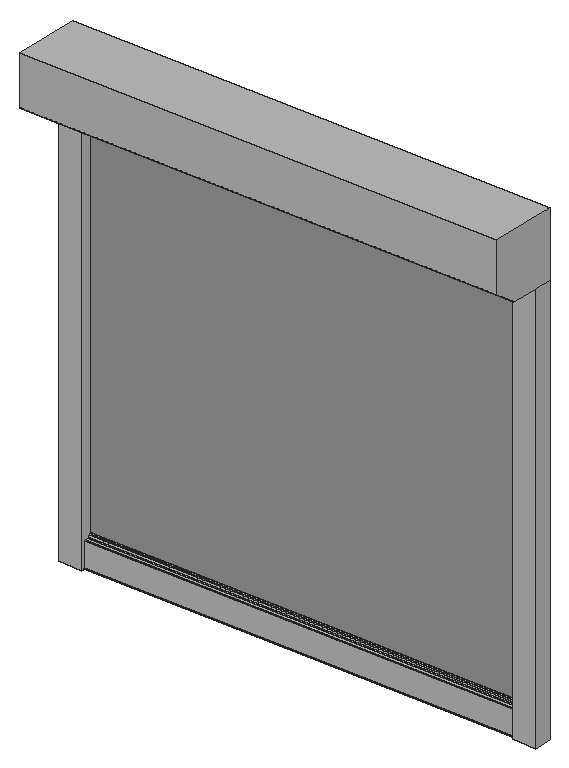
Revit family "Window_Shade-Draper-LightBloc_Zip", category Specialty Equipment, Revit 2026
Family settings
  Round Connector Dimension = Use Diameter
  Part Type = Normal
  Classification Number = 23.30.60.14.21
  Work Plane-Based = No
  Enable Cutting in Views = No
  Always vertical = Yes
  Cut with Voids When Loaded = No
  Maintain Annotation Orientation = No
  Shared = No
  Room Calculation Point = No
Parameters (values of type "125 Standard Headbox Design")
  Wind Note = "Very wind resistant.  Wind tunnel tested up to 90 MPH."  # constant formula
  Width Constraint [instance] = if(and([105 Style Headbox], Width > 13' 1"), 13' 1", if(and([125 Style Headbox], Width > 16' 5"), 16' 5", Width))  # 3' - 0"
  Width [instance] = 3' - 0"
  URL = "http://www.draperinc.com/index.asp"
  Standard Headbox Design = yes
  Square Headbox Design = no
  Right Single Side Channel [instance] = yes
  Right No Channel [instance] = not(and(or(Right Single Side Channel, Right Double Side Channel)))  # no
  Right Double Side Channel [instance] = no
  Product Documentation Link = "http://www.draperinc.com/DocumentDownload.aspx?path=WindowShades\\submittals&file=LightBlocZip_Sub.pdf"
  Multiple Units = "A Maximum of 3 Panels can be added together."  # constant formula
  Left No Channel [instance] = not(and(or(Left Single Side Channel, Left Double Side Channel)))  # no
  Default Elevation = 0' - 0"
  Casing = Metal - Draper - Silver
  R HemBar [instance] = if(Right Single Side Channel, 0' 1 3/4", 0' 1 1/16")  # 0' - 1 3/4"
  Product Page URL = "http://www.draperinc.com/SolarControlSolutions/solarProducts.asp?detail=239"
  Product Name = "LightBloc Zip"  # constant formula
  Model = "LightBloc"  # constant formula
  Material = ""
  Manufacturer = "Draper"  # constant formula
  Shade Fabric = Fiberglass - Draper - Fabric - Screen
  Left Single Side Channel [instance] = yes
  Left Double Side Channel [instance] = no
  L HemBar [instance] = if(Left Single Side Channel, 0' 1 3/4", 0' 1 1/16")  # 0' - 1 3/4"
  Head Box Height [instance] = if(and([105 Style Headbox], Standard Headbox Design), 0' 4 1/8", if(and([105 Style Headbox], Curved Headbox Design), 0' 4 1/8", if(and([105 Style Headbox], Square Headbox Design), 0' 3 15/16", if(and([125 Style Headbox], Standard Headbox Design), 0' 4 15/16", if(and([125 Style Headbox], Curved Headbox Design), 0' 4 15/16", if(and([125 Style Headbox], Square Headbox Design), 0' 4 11/16", 0' 4 15/16"))))))  # 0' - 4 15/16"
  Head Box Depth [instance] = if(and([105 Style Headbox], Standard Headbox Design), 0' 4 1/8", if(and([105 Style Headbox], Curved Headbox Design), 0' 4 1/8", if(and([105 Style Headbox], Square Headbox Design), 0' 3 3/8", if(and([125 Style Headbox], Standard Headbox Design), 0' 4 15/16", if(and([125 Style Headbox], Curved Headbox Design), 0' 4 15/16", if(and([125 Style Headbox], Square Headbox Design), 0' 4 11/16", 0' 4 1/8"))))))  # 0' - 4 15/16"
  Curved Headbox Design = no
  105 Style Headbox = not([125 Style Headbox])  # no
  Height Constraint [instance] = if(and([105 Style Headbox], Height > 11' 6"), 11' 6", if(and([125 Style Headbox], Height > 16' 5"), 16' 5", Height))  # 3' - 0"
  Height [instance] = 3' - 0"
  125 Style Headbox = yes
  Description = "Wind Resistant Roller Shade"  # constant formula
Types (7): name | Standard Headbox Design | Square Headbox Design | Product Page URL | Head Box Height | Head Box Depth | Curved Headbox Design | 105 Style Headbox | 125 Style Headbox
  (no name) | yes | no | "http://www.draperinc.com/SolarControlSolutions/solarProducts.asp?detail=239" | 0' - 4 15/16" | 0' - 4 15/16" | no | no | yes
  105 Curve Headbox Design | no | no | "http://www.draperinc.com/WindowShades/ProductDetail.aspx?detail=244" | 0' - 4 1/8" | 0' - 4 1/8" | yes | yes | no
  125 Curve Headbox Design | no | no | "http://www.draperinc.com/SolarControlSolutions/solarProducts.asp?detail=239" | 0' - 4 15/16" | 0' - 4 15/16" | yes | no | yes
  105 Standard Headbox Design | yes | no | "http://www.draperinc.com/WindowShades/ProductDetail.aspx?detail=244" | 0' - 4 1/8" | 0' - 4 1/8" | no | yes | no
  125 Standard Headbox Design | yes | no | "http://www.draperinc.com/SolarControlSolutions/solarProducts.asp?detail=239" | 0' - 4 15/16" | 0' - 4 15/16" | no | no | yes
  105 Square Headbox Design | no | yes | "http://www.draperinc.com/WindowShades/ProductDetail.aspx?detail=244" | 0' - 3 15/16" | 0' - 3 3/8" | no | yes | no
  125 Square Headbox Design | no | yes | "http://www.draperinc.com/SolarControlSolutions/solarProducts.asp?detail=239" | 0' - 4 11/16" | 0' - 4 11/16" | no | no | yes
Reference planes (in)
  plane 1 "Center (Front/Back)": y = 0
  plane 2: z = 0
  plane 3 "Center (Left/Right)": x = 0
  plane 4: x = -18
  plane 5: x = 18
  plane 6: x = -16.25
  plane 7: x = 16.25
  plane 8: x = -16.9375
  plane 9: x = -19.0625
  plane 10: x = 19.0625
  plane 11: x = 16.9375
  plane 12 "Left HemBar": x = -16.25
  plane 13 "Right HemBar": x = 16.25
  plane 14: z = -36
  plane 15 "Front": y = -4.9375
  plane 16: z = -4.9375
  plane 17: y = -1.125
Forms (in)
  Extrusion 1, solid, material "Metal - Draper - Silver" <- "Casing", visible <- "Standard Headbox Design"
    sketch origin (0, 0, -36) x (0, -1, 0) y (0, 0, -1)
      loop
        line (4.9375, -36) -> (4.9375, -32.26839) -> (3.35661, -31.0625) -> (0, -31.0625) -> (0, -36) -> (4.9375, -36)
    from -18 to 18
  Extrusion 2, solid, material "Metal - Draper - Silver" <- "Casing", visible <- "Curved Headbox Design"
    sketch origin (0, 0, -36) x (0, -1, 0) y (0, 0, -1)
      loop
        line (0, -36) -> (4.43529, -36)
        arc (4.43529, -36) -> (4.79574, -34.71019) -> (4.84129, -33.37174) r 5.62895
        line (4.84129, -33.37174) -> (4.74455, -33.37174)
        arc (4.74455, -33.37174) -> (4.56751, -32.21304) -> (4.3435, -31.0625) r 28.82135
        line (4.3435, -31.0625) -> (0, -31.0625) -> (0, -36)
    from -18 to 18
  Extrusion 3, solid, material "Metal - Draper - Silver" <- "Casing", visible <- "Left Single Side Channel"
    sketch origin (5.40947, -4.31844, -36) x (1, 0, 0) y (0, 1, 0)
      loop
        line (-23.40947, 4.31844) -> (-23.40947, 3.01302) -> (-21.65947, 3.01302) -> (-21.65947, 3.74955) -> (-21.90947, 3.74955) -> (-21.90947, 3.92193) -> (-22.13919, 3.92193) -> (-22.13919, 3.98443) -> (-21.90947, 3.98443) -> (-21.90947, 4.13281) -> (-21.65947, 4.13281) -> (-21.65947, 4.31844) -> (-23.40947, 4.31844)
    from 0 to 31.0625
  Extrusion 4, solid, material "Metal - Draper - Silver" <- "Casing", visible <- "Left Double Side Channel"
    sketch origin (4.72197, -4.31844, -36) x (1, 0, 0) y (0, 1, 0)
      loop
        line (-23.78447, 3.01302) -> (-21.65947, 3.01302) -> (-21.65947, 3.74955) -> (-21.90947, 3.74955) -> (-21.90947, 3.92193) -> (-22.13919, 3.92193) -> (-22.13919, 3.98443) -> (-21.90947, 3.98443) -> (-21.90947, 4.13281) -> (-21.65947, 4.13281) -> (-21.65947, 4.31844) -> (-23.78447, 4.31844) -> (-23.78447, 4.13281) -> (-23.53447, 4.13281) -> (-23.53447, 3.98443) -> (-23.30474, 3.98443) -> (-23.30474, 3.92193) -> (-23.53447, 3.92193) -> (-23.53447, 3.74955) -> (-23.78447, 3.74955) -> (-23.78447, 3.01302)
    from 0 to 31.0625
  Extrusion 5, solid, material "Fiberglass - Draper - Fabric - Screen" <- "Shade Fabric"
    sketch origin (0, 0, -36) x (1, 0, 0) y (0, 0, -1)
      loop
        line (-16.72973, -31.0625) -> (16.72973, -31.0625) -> (16.72973, -1.81819) -> (-16.72973, -1.81819) -> (-16.72973, -31.0625)
    from -0.39651 to -0.33401
  Extrusion 6, solid, material "Metal - Draper - Silver" <- "Casing"
    sketch origin (0, 0, -36) x (0, -1, 0) y (0, 0, -1)
      loop
        arc (0, -1.9004) -> (0.01831, -1.94459) -> (0.0625, -1.9629) r 0.0625
        line (0.0625, -1.9629) -> (0.18008, -1.9629)
        arc (0.18008, -1.9629) -> (0.22427, -1.94459) -> (0.24258, -1.9004) r 0.0625
        line (0.24258, -1.9004) -> (0.24258, -1.81819) -> (0.39651, -1.81819) -> (0.39651, -2.125)
        arc (0.39651, -2.125) -> (0.41481, -2.16919) -> (0.45901, -2.1875) r 0.0625
        line (0.45901, -2.1875) -> (0.62702, -2.1875)
        arc (0.62702, -2.1875) -> (0.66507, -2.17458) -> (0.68739, -2.14118) r 0.0625
        line (0.68739, -2.14118) -> (0.71956, -2.02112)
        arc (0.71956, -2.02112) -> (0.74761, -1.97913) -> (0.79543, -1.9629) r 0.07855
        line (0.79543, -1.9629) -> (1.0625, -1.9629)
        arc (1.0625, -1.9629) -> (1.10669, -1.94459) -> (1.125, -1.9004) r 0.0625
        line (1.125, -1.9004) -> (1.125, -0.0625)
        arc (1.125, -0.0625) -> (1.10669, -0.01831) -> (1.0625, 0) r 0.0625
        line (1.0625, 0) -> (0.0625, 0)
        arc (0.0625, 0) -> (0.01831, -0.01831) -> (0, -0.0625) r 0.0625
        line (0, -0.0625) -> (0, -1.9004)
    from -16.25 to 16.25
  Extrusion 7, solid, material "Metal - Draper - Silver" <- "Casing", visible <- "Right Single Side Channel"
    sketch origin (-5.40947, -4.31844, -36) x (-1, 0, 0) y (0, -1, 0)
      loop
        line (-23.40947, -4.31844) -> (-21.65947, -4.31844) -> (-21.65947, -4.13281) -> (-21.90947, -4.13281) -> (-21.90947, -3.98443) -> (-22.13919, -3.98443) -> (-22.13919, -3.92193) -> (-21.90947, -3.92193) -> (-21.90947, -3.74955) -> (-21.65947, -3.74955) -> (-21.65947, -3.01302) -> (-23.40947, -3.01302) -> (-23.40947, -4.31844)
    from 0 to 31.0625
  Extrusion 8, solid, material "Metal - Draper - Silver" <- "Casing", visible <- "Right Double Side Channel"
    sketch origin (-4.72197, -4.31844, -36) x (-1, 0, 0) y (0, -1, 0)
      loop
        line (-23.78447, -3.01302) -> (-23.78447, -3.74955) -> (-23.53447, -3.74955) -> (-23.53447, -3.92193) -> (-23.30474, -3.92193) -> (-23.30474, -3.98443) -> (-23.53447, -3.98443) -> (-23.53447, -4.13281) -> (-23.78447, -4.13281) -> (-23.78447, -4.31844) -> (-21.65947, -4.31844) -> (-21.65947, -4.13281) -> (-21.90947, -4.13281) -> (-21.90947, -3.98443) -> (-22.13919, -3.98443) -> (-22.13919, -3.92193) -> (-21.90947, -3.92193) -> (-21.90947, -3.74955) -> (-21.65947, -3.74955) -> (-21.65947, -3.01302) -> (-23.78447, -3.01302)
    from 0 to 31.0625
  Extrusion 9, solid, material "Metal - Draper - Silver" <- "Casing", visible <- "Square Headbox Design"
    sketch origin (0, 1.125, -36) x (0, -1, 0) y (0, 0, -1)
      loop
        line (6.0625, -36) -> (6.0625, -31.0625) -> (1.125, -31.0625) -> (1.125, -36) -> (6.0625, -36)
    from -18 to 18
Lines and regions (in)
  Masking region 1
    outline origin (0, 0, 0) x (1, 0, 0) y (0, 1, 0)
      loop
        line (-18, 0) -> (-18, -4.9375) -> (18, -4.9375) -> (18, 0) -> (-18, 0)
Dimensions and locks (in)
  equal spacing: plane 5, plane 3 "Center (Left/Right)", plane 4
  "Width Constraint": plane 5 to plane 4
  locked: plane 4 to plane 6 at 1.75
  locked: plane 7 to plane 5 at 1.75
  locked: plane 4 to plane 8 at 1.0625
  plane 11 to plane 5 to plane 10 = 0' - 1 1/16" locked, 0' - 1 1/16" locked
  locked: plane 9 to plane 4 at 1.0625
  "L HemBar": plane 12 "Left HemBar" to plane 4
  "R HemBar": plane 5 to plane 13 "Right HemBar"
  "Head Box Depth": plane 1 "Center (Front/Back)" to plane 15 "Front"
  "Head Box Height": plane 2 to plane 16
  plane 1 "Center (Front/Back)" to Extrusion 4 sketch curve to Extrusion 4 sketch curve to Extrusion 4 sketch curve to Extrusion 4 sketch curve to Extrusion 4 sketch curve to Extrusion 4 sketch curve to Extrusion 4 sketch curve to Extrusion 4 sketch curve = 0' - 0.18563" locked, 0' - 0" locked, 0' - 0.14837" locked, 0' - 0" locked, 0' - 0 1/16" locked, 0' - 0" locked, 0' - 0.17238" locked, 0' - 0" locked
  plane 9 to Extrusion 4 sketch curve to Extrusion 4 sketch curve to Extrusion 4 sketch curve = 0' - 0 1/4" locked, 0' - 0" locked, 0' - 0.22973" locked
  Extrusion 4 sketch curve to Extrusion 4 sketch curve to Extrusion 4 sketch curve to plane 8 = 0' - 0.22973" locked, 0' - 0" locked, 0' - 0 1/4" locked
  locked: Extrusion 1 sketch curve to plane 15 "Front" at 1.58089
  locked: Extrusion 1 sketch curve to plane 16 at 1.20589
  Extrusion 2 sketch curve to Extrusion 2 sketch curve to Extrusion 2 sketch curve to Extrusion 2 sketch curve to plane 15 "Front" = 0' - 0.09179" locked, 0' - 0.30926" locked, 0' - 0.09674" locked, 0' - 0.09621" locked
  locked: plane 1 "Center (Front/Back)" to plane 17 at 1.125
  Extrusion 6 sketch curve to Extrusion 6 sketch curve to Extrusion 6 sketch curve to Extrusion 6 sketch curve to Extrusion 6 sketch curve to Extrusion 6 sketch curve to Extrusion 6 sketch curve to Extrusion 6 sketch curve to Extrusion 6 sketch curve to Extrusion 6 sketch curve to Extrusion 6 sketch curve to Extrusion 6 sketch curve to plane 14 = 0' - 0 1/16" locked, 0' - 0" locked, 0' - 0.08355" locked, 0' - 0.07855" locked, 0' - 0" locked, 0' - 0 1/16" locked, 0' - 0" locked, 0' - 0" locked, 0' - 0.08221" locked, 0' - 1.75569" locked, 0' - 0" locked, 0' - 0 1/16" locked
  plane 1 "Center (Front/Back)" to Extrusion 6 sketch curve to Extrusion 6 sketch curve to Extrusion 6 sketch curve to Extrusion 6 sketch curve to Extrusion 6 sketch curve = 0' - 0.24258" locked, 0' - 0.15393" locked, 0' - 0.29088" locked, 0' - 0.03217" locked, 0' - 0.07587" locked
  locked: plane 12 "Left HemBar" to Extrusion 5 sketch curve at 0.47973
  locked: Extrusion 5 sketch curve to plane 13 "Right HemBar" at 0.47973
  locked: Extrusion 5 sketch curve to plane 14 at 1.81819
  plane 1 "Center (Front/Back)" to Extrusion 5 to Extrusion 5 = 0' - 0.33401" locked, 0' - 0 1/16" locked
  Extrusion 3 sketch curve to Extrusion 3 sketch curve to Extrusion 3 sketch curve to Extrusion 3 sketch curve to Extrusion 3 sketch curve to plane 1 "Center (Front/Back)" = 0' - 0.73653" locked, 0' - 0.17238" locked, 0' - 0 1/16" locked, 0' - 0.14837" locked, 0' - 0.18563" locked
  Extrusion 3 sketch curve to Extrusion 3 sketch curve to Extrusion 3 sketch curve to plane 12 "Left HemBar" = 0' - 0.22973" locked, 0' - 0" locked, 0' - 0 1/4" locked
  Extrusion 7 sketch curve to Extrusion 7 sketch curve to Extrusion 7 sketch curve to Extrusion 7 sketch curve to Extrusion 7 sketch curve to plane 1 "Center (Front/Back)" = 0' - 0.73653" locked, 0' - 0.17238" locked, 0' - 0 1/16" locked, 0' - 0.14837" locked, 0' - 0.18563" locked
  plane 13 "Right HemBar" to Extrusion 7 sketch curve to Extrusion 7 sketch curve to Extrusion 7 sketch curve = 0' - 0 1/4" locked, 0' - 0" locked, 0' - 0.22973" locked
  plane 11 to Extrusion 8 sketch curve to Extrusion 8 sketch curve to Extrusion 8 sketch curve = 0' - 0 1/4" locked, 0' - 0" locked, 0' - 0.22973" locked
  Extrusion 8 sketch curve to Extrusion 8 sketch curve to Extrusion 8 sketch curve to plane 10 = 0' - 0.22973" locked, 0' - 0" locked, 0' - 0 1/4" locked
  Extrusion 8 sketch curve to Extrusion 8 sketch curve to Extrusion 8 sketch curve to Extrusion 8 sketch curve to Extrusion 8 sketch curve to Extrusion 8 sketch curve to Extrusion 8 sketch curve to Extrusion 8 sketch curve to Extrusion 8 sketch curve to plane 1 "Center (Front/Back)" = 0' - 0.73653" locked, 0' - 0" locked, 0' - 0.17238" locked, 0' - 0" locked, 0' - 0 1/16" locked, 0' - 0" locked, 0' - 0.14837" locked, 0' - 0" locked, 0' - 0.18563" locked
  "Height Constraint": plane 2 to plane 14
  aligned and locked: plane 2 to level
  aligned and locked: Extrusion 1 sketch curve to plane 2
  aligned and locked: plane 1 "Center (Front/Back)" to Extrusion 1 sketch curve
  aligned and locked: plane 16 to Extrusion 1 sketch curve
  aligned and locked: plane 1 "Center (Front/Back)" to Extrusion 2 sketch curve
  aligned and locked: Extrusion 2 sketch curve to plane 2
  aligned and locked: plane 16 to Extrusion 2 sketch curve
  aligned and locked: Extrusion 6 sketch curve to plane 1 "Center (Front/Back)"
  aligned and locked: Extrusion 6 sketch curve to plane 14
  aligned and locked: plane 17 to Extrusion 6 sketch curve
  aligned and locked: Extrusion 2 to plane 4
  aligned and locked: Extrusion 1 to plane 4
  aligned and locked: plane 5 to Extrusion 2
  aligned and locked: plane 5 to Extrusion 1
  aligned and locked: Extrusion 6 to plane 12 "Left HemBar"
  aligned and locked: plane 13 "Right HemBar" to Extrusion 6
  aligned and locked: Extrusion 5 sketch curve to plane 16
  aligned and locked: Extrusion 3 sketch curve to plane 4
  aligned and locked: plane 12 "Left HemBar" to Extrusion 3 sketch curve  (x2)
  aligned and locked: plane 1 "Center (Front/Back)" to Extrusion 7 sketch curve
  aligned and locked: Extrusion 7 sketch curve to plane 5
  aligned and locked: plane 13 "Right HemBar" to Extrusion 7 sketch curve  (x2)
  aligned and locked: Extrusion 8 sketch curve to plane 10  (x2)
  aligned and locked: Extrusion 8 sketch curve to plane 11  (x2)
  aligned and locked: Masking region 1 sketch curve to Extrusion 1  (x4)
  aligned and locked: plane 16 to Extrusion 3
  aligned and locked: plane 16 to Extrusion 8
  aligned and locked: plane 16 to Extrusion 7
  aligned and locked: plane 16 to Extrusion 4
  aligned and locked: Extrusion 3 to plane 14
  aligned and locked: Extrusion 4 to plane 14
  aligned and locked: Extrusion 8 to plane 14
  aligned and locked: Extrusion 7 to plane 14
  aligned and locked: plane 1 "Center (Front/Back)" to Extrusion 9 sketch curve
  aligned and locked: plane 16 to Extrusion 9 sketch curve
  aligned and locked: plane 5 to Extrusion 9
  aligned and locked: Extrusion 9 to plane 4
  aligned and locked: Extrusion 9 sketch curve to plane 15 "Front"
  aligned and locked: Extrusion 9 sketch curve to plane 2
Automatic sketch dimensions
  Extrusion 1 sketch curve to plane 15 "Front" = 0' - 0"
  Extrusion 2 sketch curve to level = 0' - 2.62826"
  level to Extrusion 2 sketch curve = 0' - 1.14468"
  Extrusion 2 sketch curve to plane 1 "Center (Front/Back)" = 0' - 0.76723"
  plane 1 "Center (Front/Back)" to Extrusion 3 sketch curve = 0' - 0"
  Extrusion 4 sketch curve to plane 9 = 0' - 0"  (x2)
  plane 1 "Center (Front/Back)" to Extrusion 4 sketch curve = 0' - 0"
  Extrusion 4 sketch curve to plane 8 = 0' - 0"  (x2)
  Extrusion 4 sketch curve to plane 17 = 0' - 0.18042"
  plane 1 "Center (Front/Back)" to Extrusion 6 sketch curve = 0' - 0.62702"
  plane 1 "Center (Front/Back)" to Extrusion 8 sketch curve = 0' - 0"
